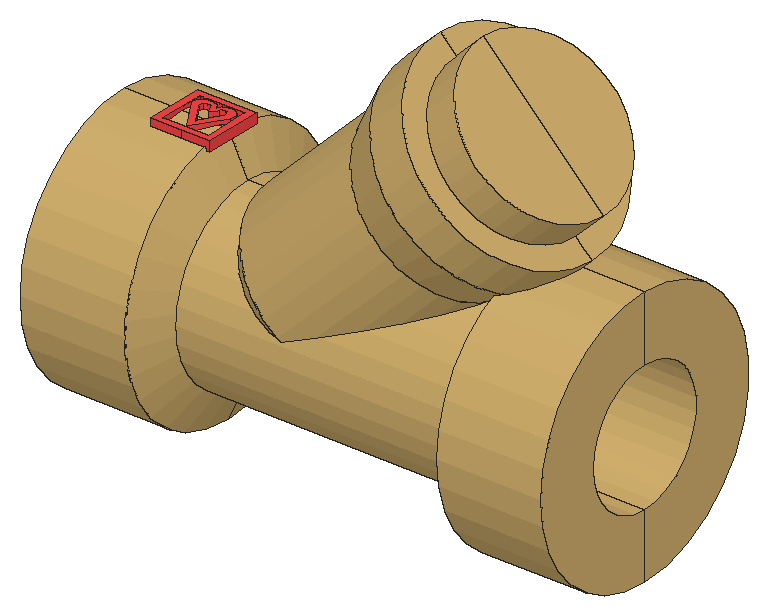
Revit family "Schmutzfänger 2662", category Rohrzubehör, Revit 2020
Family settings
  Bemaßung runder Anschluss = Durchmesser verwenden
  Teiletyp = Unterbricht
  OmniClass-Nummer = 23.65.55.14
  OmniClass-Titel = Valves for Liquid Services
  Arbeitsebenenbasiert = Nein
  Immer vertikal = Ja
  Beim Laden mit Abzugskörper schneiden = Nein
  Gemeinsam genutzt = Nein
Parameters
  min.Betriebstemperatur (Wasser) = 0.5 °C  # constant formula
  min.Betriebstemperatur = -30 °C  # constant formula
  max.Betriebstemperatur (Wasser) = 95 °C  # constant formula
  max.Betriebstemperatur = 130 °C  # constant formula
  max.Betriebsdruck = 2500000.0 Pa  # constant formula
  W01 = 45.00°  # constant formula
  Vorgabe-Ansicht = 0.000 mm
  URL = "www.herz-armaturen.at"
  Siebkappe = "geschmiedetes Messing gem. EN 12420, CW617N"  # constant formula
  Sieb = "Streckmetall, Rautenmasche, Edelstahl 1.4301, Maschenweite 0,5mm"  # constant formula
  SW01 [instance] = size_lookup("2662_", "SW1", 12.000 mm, Nennweite)  # 13.000 mm
  SCTWSEQ = "AW;SBT_TYP_AW=\"112\";2"
  SCTWCODE = "04;16;02"  # constant formula
  SCRNSEQ = "AWI;AWI_TYP=\"1011\";2"
  SCRNCODE = "05;15;02"  # constant formula
  S01 [instance] = R01 * 2  # 40.000 mm
  R07 [instance] = size_lookup("2662_", "R7", 13.000 mm, Nennweite)  # 16.500 mm
  R06 [instance] = size_lookup("2662_", "R6", 11.500 mm, Nennweite)  # 14.000 mm
  R05 [instance] = Nennweite / 2  # 10.000 mm
  R03 [instance] = size_lookup("2662_", "R3", 11.500 mm, Nennweite)  # 14.000 mm
  R02 [instance] = Nennweite / 2  # 10.000 mm
  R01 [instance] = (Nennweite / 2) + 10.000 mm  # 20.000 mm
  Nennweite [instance] = 20.000 mm
  Medium = "Heizungswasserqualität nach ÖNORM H 5195 oder VDI-Richtline 2035. Die Verwendung von Ethylen- oder\r\nPropylenglykol in einem Mischungsverhältnis 25 - 50% ist zulässig. Bitte beachten Sie die Hersteller- Dokumentation,\r\nwenn Glykol-Produkte für Frost- und Korrosionsschutz zum Einsatz kommen. EPDM-Dichtungen können durch\r\nMineralöle und Schmiermittel beschädigt werden und somit kann es zum Versagen der EPDM-Dichtungen führen.\r\nHERZ Kugelhähne sind nicht für den Einsatz von agressiven Medien (wie Säuren, Laugen, brennbaren und explosiven\r\nGase) geeignet, da die Dichtelemente beschädigt werden können."
  L16 [instance] = L03 / 2  # 7.750 mm
  L15 [instance] = R01 - 1.000 mm  # 19.000 mm
  L14 [instance] = L06 - L08  # 8.000 mm
  L11 [instance] = size_lookup("2662_", "L11", 4.500 mm, Nennweite)  # 6.000 mm
  L09 [instance] = size_lookup("2662_", "L9", 9.000 mm, Nennweite)  # 7.000 mm
  L08 [instance] = size_lookup("2662_", "L8", 23.500 mm, Nennweite)  # 32.000 mm
  L07 [instance] = size_lookup("2662_", "L7", 11.000 mm, Nennweite)  # 13.000 mm
  L06 [instance] = size_lookup("2662_", "L6", 36.500 mm, Nennweite) - L09  # 40.000 mm
  L03 [instance] = size_lookup("2662_", "L3", 15.000 mm, Nennweite)  # 15.500 mm
  L02 [instance] = size_lookup("2662_", "L2", 14.000 mm, Nennweite)  # 21.000 mm
  L01 [instance] = size_lookup("2662_", "L1", 17.000 mm, Nennweite)  # 16.000 mm
  L00 [instance] = size_lookup("2662_", "L", 68.000 mm, Nennweite)  # 80.000 mm
  Innengewinde = "gem. ISO 228-1"  # constant formula
  Hersteller = "Herz-Armaturen GmbH"  # constant formula
  Gehäuse (DN50) = "Messingguss gem. EN 1982; CC770S"  # constant formula
  Gehäuse (DN15-DN40) = "geschmiedetes Messing gem. EN 12420, CW617N"  # constant formula
  Dichtungen = "EPDM"  # constant formula
  Bestellnummer [instance] = size_lookup("2662_", "Artnr", 0, Nennweite)  # 1266202
  Anwendungsgebiet = "Die Schmutzfänger werden in Rohrleitungen eingebaut, um schädliche Fremdkörper von den feinst bearbeiteten\r\nVentilsitzen fernzuhalten. Anwendungsgebiete sind haustechnische Anlagen, wie z.B. Heizungs- oder\r\nKaltwasseranlagen für die Klimatisierung von Gebäuden. Aromatische Chlorkohlenwasserstoffe, welche in Erdgas,\r\nErdölen und Schmiermitteln vorkommen, zerstören die EPDM- Dichtungen."
Reference planes
  plane 1 "Mitte (Vorne/hinten)": y = 0
  plane 2: z = 0
  plane 3 "Mitte (Links/rechts)": x = 0
Forms (mm)
  Revolve 1, solid, material "Messing", detail levels fine
    sketch origin (470, 0, 0) x (1, 0, 0) y (0, 0, 1)
      loop
        line (-510, 10) -> (-494.5, 10) -> (-494.5, 0) -> (-445.5, 0) -> (-445.5, 10) -> (-430, 10) -> (-430, 20) -> (-446, 20) -> (-449, 14) -> (-491, 14) -> (-494, 20) -> (-510, 20) -> (-510, 10)
      axis (-510, 0) -> (-430, 0)
    angle from 0 to 360
  Revolve 2, solid, material "Messing", detail levels fine
    sketch origin (0.32, 0, -0.105) x (1, 0, 0) y (0, 0, 1)
      loop
        line (-13.32, 0) -> (24.157, 37.477) -> (14.964, 46.669) -> (10.722, 42.426) -> (8.247, 44.901) -> (3.297, 39.952) -> (-0.592, 32.527) -> (-17.563, 15.556) -> (-20.391, 7.071) -> (-13.32, 0)
      axis (-13.32, 0) -> (24.157, 37.477)
    angle from 0 to 360
Lines and regions (mm)
  model lines, detail levels coarse+medium
    curve 1: line (-40, 0, 20) -> (40, 0, 20)
    curve 2: line (-40, 0, -20) -> (-40, 0, 20)
    curve 3: line (40, 0, -20) -> (-40, 0, -20)
    curve 4: line (40, 0, 20) -> (40, 0, -20)
    curve 6: line (-40, 20, 0) -> (40, 20, 0)
    curve 7: line (-40, -20, 0) -> (-40, 20, 0)
    curve 8: line (40, -20, 0) -> (-40, -20, 0)
    curve 9: line (40, 20, 0) -> (40, -20, 0)
    curve 10: line (40, -20, 0) -> (-40, 20, 0)
  symbolic lines, style "PipeAccessory"
    curve 5: line (40, 0, -20) -> (-40, 0, 20)
Dimensions and locks
  "L00": Revolve 1 sketch curve to Revolve 1 sketch curve
  equal spacing: Revolve 1 sketch curve, plane 3 "Mitte (Links/rechts)", Revolve 1 sketch curve
  "R01": Revolve 1 sketch curve to Revolve 1 sketch curve  (x2)
  "R02": Revolve 1 sketch curve to Revolve 1 sketch curve  (x2)
  "L01": Revolve 1 sketch curve to Revolve 1 sketch curve  (x2)
  "L02": plane 3 "Mitte (Links/rechts)" to Revolve 1 sketch curve
  "L02": Revolve 1 sketch curve to plane 3 "Mitte (Links/rechts)"
  "R03": Revolve 1 sketch curve to Revolve 1 sketch curve
  "L03": Revolve 1 sketch curve to Revolve 1 sketch curve  (x2)
  "L11": Revolve 2 sketch curve to Revolve 2 sketch curve
  "L07": plane 3 "Mitte (Links/rechts)" to Revolve 2 sketch curve  (x2)
  "R05": Revolve 2 sketch curve to Revolve 2 sketch curve
  "L06": Revolve 2 sketch curve to Revolve 2 sketch curve
  "L08": Revolve 2 sketch curve to Revolve 2 sketch curve
  "R06": Revolve 2 sketch curve to Revolve 2 sketch curve
  "L14": Revolve 2 sketch curve to Revolve 2 sketch curve
  "L15": nested 1 to plane 2
  "L16": Revolve 1 to nested 1
  equal spacing: curve 7, plane 3 "Mitte (Links/rechts)", curve 9
  "L00": curve 7 to curve 9
  "S01": curve 6 to curve 8
  equal spacing: curve 4, plane 3 "Mitte (Links/rechts)", curve 2
  "L00": curve 4 to curve 2
  equal spacing: curve 1, plane 2, curve 3
  "S01": curve 1 to curve 3
  equal spacing: curve 8, plane 1 "Mitte (Vorne/hinten)", curve 6
  "L09": Revolve 2 sketch curve to Revolve 2 sketch curve
  "R07": Revolve 2 sketch curve to Revolve 2 sketch curve
  "SW01": Revolve 2 sketch curve to Revolve 2 sketch curve
  "W01": angle plane 2 to Revolve 2 sketch curve
  "W01": angle level to Revolve 2 sketch curve
  aligned and locked: level to plane 2
Automatic sketch dimensions
  Revolve 1 sketch curve to level = 0.000 mm  (x2)
  Revolve 1 sketch curve to Revolve 1 sketch curve = 791.990 mm
  Revolve 1 sketch curve to Revolve 1 sketch curve = 2278.983 mm
  Revolve 2 sketch curve to level = 0.105 mm
  Revolve 2 sketch curve to Revolve 2 sketch curve = 0.000 mm
Nested families
  nested 1: "Herz-Logo" at (-27.732, 0, 19), type "Herz-Logo", detail levels fine
Connectors
  piping at (-24.5, 0, 0), diameter 20, driven by "Nennweite"
    settings: on Revolve 1, index 1, connector inside diameter 609.6 mm, connector length 0.000 mm, flow factor 0, pipe flow 0.0 L/s, pressure drop 0.0 Pa, fitting loss kfactor 0, connector angle 0.00°, fixture units 0, engagement length 0.000 mm, angle of deflection 0.00°, flow configuration 0, flow direction 1, fitting loss method 0, system type 29, joint type 0, gender type 0, connector reference index -1, connector utility 0, adjustable connector no, is connector primary yes, connector description ""
  piping at (24.5, 0, 0), diameter 20, driven by "Nennweite"
    settings: on Revolve 1, index 2, connector inside diameter 609.6 mm, connector length 0.000 mm, flow factor 0, pipe flow 0.0 L/s, pressure drop 0.0 Pa, fitting loss kfactor 0, connector angle 0.00°, fixture units 0, engagement length 0.000 mm, angle of deflection 0.00°, flow configuration 0, flow direction 2, fitting loss method 0, system type 29, joint type 0, gender type 0, connector reference index -1, connector utility 0, adjustable connector no, is connector primary no, connector description ""
Definition of nested family "Herz-Logo"
  Parameters (values of type "Herz-Logo")
    Default Elevation = 0.000 mm
  Reference planes
    plane 1 "Mitte (Vorne/hinten)": y = 0
    plane 2: z = 0
    plane 3 "Mitte (Links/rechts)": x = 0
  Forms (mm)
    Extrusion 1, solid
      sketch origin (0, 0, 0) x (1, 0, 0) y (0, 1, 0)
        loop
          line (-0.018, -4.517) -> (4.482, -4.517) -> (4.482, 4.483) -> (-4.518, 4.483) -> (-4.518, -4.517) -> (-0.018, -4.517)
        loop
          line (-0.05, -3.48) -> (3.482, -3.48) -> (3.482, 3.483) -> (-3.518, 3.483) -> (-3.518, -3.48) -> (-0.05, -3.48)
        loop
          arc (-0.018, 2.383) -> (-1.543, 3.287) -> (-3.067, 2.383) r 1.738
          arc (-3.067, 2.383) -> (-3.191, 1.899) -> (-3.067, 1.415) r 1.009
          line (-3.067, 1.415) -> (-0.018, -3.281) -> (3.032, 1.415)
          arc (3.032, 1.415) -> (3.156, 1.899) -> (3.032, 2.383) r 1.009
          arc (3.032, 2.383) -> (1.507, 3.287) -> (-0.018, 2.383) r 1.738
        loop
          arc (1.885, 1.272) -> (2.005, 1.675) -> (1.885, 2.079) r 0.74
          arc (1.885, 2.079) -> (1.265, 2.416) -> (0.644, 2.079) r 0.74
          line (0.644, 2.079) -> (-0.018, 0.97) -> (-0.679, 2.079)
          arc (-0.679, 2.079) -> (-1.3, 2.416) -> (-1.921, 2.079) r 0.74
          arc (-1.921, 2.079) -> (-2.04, 1.675) -> (-1.921, 1.272) r 0.74
          line (-1.921, 1.272) -> (-0.018, -1.658) -> (1.885, 1.272)
      from 0 to 1.5
  Dimensions and locks
    aligned and locked: level to plane 2
